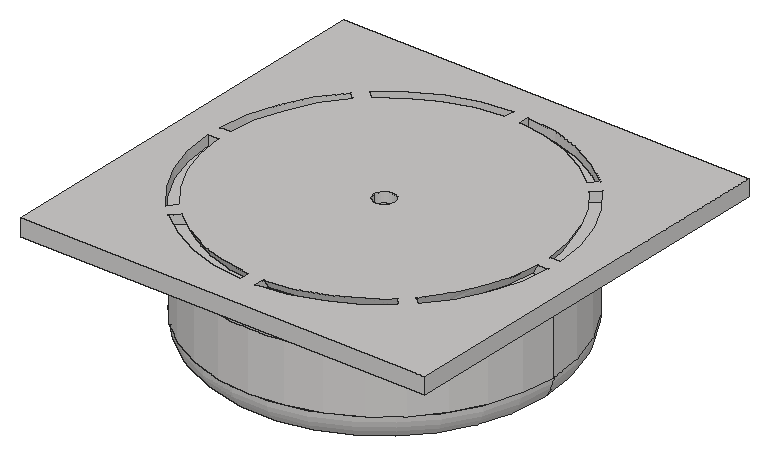
Revit family
Parameters (values of type "9635-SRF-2"")
  Width = 14"
  Waste Connection Radius = 1"
  Waste Connection Diameter = Waste Connection Radius * 2  # 2"
  Waste Connection = yes
  Vent Connection = no
  URL = "www.jrsmith.com"
  Price = "Prices may vary. Please consult Manufacturer Representative for most up-to-date price list."  # constant formula
  Phone Number = "416-250-5656"  # constant formula
  Omniclass Table 23 Title = "Waste Water Drains"  # constant formula
  Omniclass Table 23 Code = "23.70.50.21.24"  # constant formula
  Model = "9635-SRF-2\""
  Material = Metal-Jay R Smith-Stainless Steel
  Masterformat Title = "Sanitary Drains"  # constant formula
  Masterformat Number = "22 13 19.13"  # constant formula
  Manufacturer = "Jay R. Smith"
  Length = Width  # 14"
  Height = 6 1/2"
  HW Connection = no
  Description = "14\" Square top special purpose flor drain with heavy duty rim flow grate."
  Default Elevation = 0"
  Creation Date = "27/10/2014"  # constant formula
  Created By = "Allied Technical Services"  # constant formula
  CW Connection = no
  Assembly Code = "D2030300"
  ATS URL = "http://www.atsspec.net"
Types (13): name | Waste Connection Radius | Waste Connection Diameter | Model | Height
  (no name) | 1" | 2" | "9635-SRF-2\"" | 6 1/2"
  9635-SRF-2" | 1" | 2" | "9635-SRF-2\"" | 6 1/2"
  9635-SRF-3" | 1 1/2" | 3" | "9635-SRF-3\"" | 6 1/2"
  9635-SRF-4" | 2" | 4" | "9635-SRF-4\"" | 6 1/2"
  9636-SRF-2" | 1" | 2" | "9636-SRF-2\"" | 8 1/2"
  9636-SRF-3" | 1 1/2" | 3" | "9636-SRF-3\"" | 8 1/2"
  9636-SRF-4" | 2" | 4" | "9636-SRF-4\"" | 8 1/2"
  9637-SRF-2" | 1" | 2" | "9637-SRF-2\"" | 10 1/2"
  9637-SRF-3" | 1 1/2" | 3" | "9637-SRF-3\"" | 10 1/2"
  9637-SRF-4" | 2" | 4" | "9637-SRF-4\"" | 10 1/2"
  9638-SRF-2" | 1" | 2" | "9638-SRF-2\"" | 12 1/2"
  9638-SRF-3" | 1 1/2" | 3" | "9638-SRF-3\"" | 12 1/2"
  9638-SRF-4" | 2" | 4" | "9638-SRF-4\"" | 12 1/2"
Reference planes (in)
  plane 1 "Center (Front/Back)": y = 0
  plane 2: z = 0
  plane 3 "Center (Left/Right)": x = 0
  plane 4: x = -7
  plane 5: x = 7
  plane 6: z = 6.5
  plane 7: z = 2
  plane 8: x = -1
  plane 9: x = 1
  plane 10: z = 5.9312
  plane 11: y = 0
  plane 12: x = 0
Forms (in)
  Revolve 1, solid, material "Metal-Jay R Smith-Stainless Steel" <- "Material"
    sketch origin (0, 0, 0) x (1, 0, 0) y (0, 0, 1)
      loop
        line (-5.85146, 5.00929) -> (-5.85146, 3)
        arc (-5.85146, 3) -> (-5.55857, 2.29289) -> (-4.85146, 2) r 1
        line (-4.85146, 2) -> (-4.60146, 2) -> (-1.125, 1.63461) -> (-1.125, 0) -> (-1, 0) -> (-1, 6.16937) -> (-0.3652, 6.16937) -> (-0.3652, 6.5) -> (-5.5352, 6.5) -> (-5.34432, 6.16937) -> (-5.9102, 6.16937) -> (-5.9102, 6.5) -> (-6.26404, 6.5) -> (-6.26404, 5.57734)
        arc (-6.26404, 5.57734) -> (-6.22877, 5.46877) -> (-6.13643, 5.40164) r 0.18476
        arc (-6.13643, 5.40164) -> (-5.93022, 5.25175) -> (-5.85146, 5.00929) r 0.41258
      axis (0, 6.5) -> (0, 0)
    angle from 0 to 360
  Extrusion 2, solid, material "Metal-Jay R Smith-Stainless Steel" <- "Material"
    sketch origin (-70.89762, -84.06857, 0) x (1, 0, 0) y (0, 1, 0)
      loop
        line (63.89762, 91.06857) -> (63.89762, 77.06857) -> (77.89762, 77.06857) -> (77.89762, 91.06857) -> (63.89762, 91.06857)
      loop
        circle (70.89762, 84.06857) r 6.25
    from 5.9312 to 6.5
  Extrusion 3, solid, material "Metal-Jay R Smith-Stainless Steel" <- "Material"
    sketch origin (-49.08261, -52.07192, 0) x (1, 0, 0) y (0, 1, 0)
      loop
        arc (49.33261, 58.06671) -> (49.08261, 58.07192) -> (48.83261, 58.06671) r 6
        line (48.83261, 58.06671) -> (48.83261, 57.28411) -> (49.33261, 57.28411) -> (49.33261, 58.06671)
      loop
        line (49.33261, 46.07713) -> (49.33261, 46.85973) -> (48.83261, 46.85973) -> (48.83261, 46.07713)
        arc (48.83261, 46.07713) -> (49.08261, 46.07192) -> (49.33261, 46.07713) r 6
      loop
        arc (55.0774, 51.82192) -> (55.08261, 52.07192) -> (55.0774, 52.32192) r 6
        line (55.0774, 52.32192) -> (54.2948, 52.32192) -> (54.2948, 51.82192) -> (55.0774, 51.82192)
      loop
        line (43.08782, 51.82192) -> (43.87042, 51.82192) -> (43.87042, 52.32192) -> (43.08782, 52.32192)
        arc (43.08782, 52.32192) -> (43.08261, 52.07192) -> (43.08782, 51.82192) r 6
      loop
        arc (53.49834, 56.1341) -> (53.32525, 56.31456) -> (53.14479, 56.48765) r 6
        line (53.14479, 56.48765) -> (52.59141, 55.93427) -> (52.94496, 55.58071) -> (53.49834, 56.1341)
      loop
        line (45.02043, 47.65618) -> (45.57381, 48.20956) -> (45.22026, 48.56312) -> (44.66687, 48.00974)
        arc (44.66687, 48.00974) -> (44.83997, 47.82928) -> (45.02043, 47.65618) r 6
      loop
        arc (53.14479, 47.65618) -> (53.32525, 47.82928) -> (53.49834, 48.00974) r 6
        line (53.49834, 48.00974) -> (52.94496, 48.56312) -> (52.59141, 48.20956) -> (53.14479, 47.65618)
      loop
        line (44.66687, 56.1341) -> (45.22026, 55.58071) -> (45.57381, 55.93427) -> (45.02043, 56.48765)
        arc (45.02043, 56.48765) -> (44.83997, 56.31456) -> (44.66687, 56.1341) r 6
    from 5.9312 to 6.5
Cuts and joins
  joined: Revolve 1, Extrusion 2, Extrusion 3
Dimensions and locks (in)
  "Height": plane 6 to plane 2
  "Waste Connection Diameter": plane 9 to plane 8
  "Width": plane 5 to plane 4
  plane 7 to level = 2"
  equal spacing: plane 9, plane 3 "Center (Left/Right)", plane 8
  equal spacing: plane 5, plane 3 "Center (Left/Right)", plane 4
  locked: plane 8 to Revolve 1 sketch curve at 0.125
  locked: Revolve 1 sketch curve to plane 4 at 1.0898
  locked: Revolve 1 sketch curve to plane 4 at 1.65568
  plane 6 to plane 7 = 4 1/2"
  locked: plane 6 to plane 10 at 0.5688
  locked: Revolve 1 sketch curve to plane 6 (angle 60.00°)
  aligned and locked: plane 8 to Revolve 1 sketch curve
  aligned and locked: Revolve 1 sketch curve to plane 6  (x2)
  aligned and locked: Extrusion 2 to plane 10
  aligned and locked: Extrusion 2 to plane 6
  aligned and locked: plane 6 to Extrusion 3
  aligned and locked: Extrusion 3 to plane 10
Automatic sketch dimensions
  Extrusion 2 sketch curve to plane 4 = 0"
  plane 1 "Center (Front/Back)" to Extrusion 2 sketch curve = 0"
  Extrusion 2 sketch curve to plane 3 "Center (Left/Right)" = 0"
  Extrusion 2 sketch curve to plane 5 = 0"
  plane 1 "Center (Front/Back)" to Extrusion 2 sketch curve = 7"
  Extrusion 2 sketch curve to plane 1 "Center (Front/Back)" = 7"
  Revolve 1 sketch curve to plane 7 = 0"
  Revolve 1 sketch curve to plane 3 "Center (Left/Right)" = 0"
  Revolve 1 sketch curve to level = 0"
  Revolve 1 sketch curve to Revolve 1 sketch curve = 0.16908"
  Revolve 1 sketch curve to Revolve 1 sketch curve = 0.05715"
  Revolve 1 sketch curve to Revolve 1 sketch curve = 0"
  Revolve 1 sketch curve to Revolve 1 sketch curve = 0.35384"
  Revolve 1 sketch curve to Revolve 1 sketch curve = 0.12761"
  Revolve 1 sketch curve to Revolve 1 sketch curve = 3/8"
  Revolve 1 sketch curve to Revolve 1 sketch curve = 1"
  Revolve 1 sketch curve to Revolve 1 sketch curve = 1/4"
  Revolve 1 sketch curve to plane 3 "Center (Left/Right)" = 0.3652"
  Revolve 1 sketch curve to level = 2 1/2"
  Revolve 1 sketch curve to Revolve 1 sketch curve = 0.64812"
  Revolve 1 sketch curve to plane 7 = 0.36539"
  Revolve 1 sketch curve to plane 10 = 0.92191"
  plane 10 to Revolve 1 sketch curve = 0.23817"
  Extrusion 3 sketch curve to Extrusion 3 sketch curve = 0"  (x56)
  Extrusion 3 sketch curve to plane 11 = 0"
  Extrusion 3 sketch curve to plane 12 = 0"
  plane 12 to Extrusion 3 sketch curve = 1/4"  (x2)
  plane 12 to Extrusion 3 sketch curve = 3.5088"  (x2)
  Extrusion 3 sketch curve to Extrusion 3 sketch curve = 0.35355"  (x8)
  Extrusion 3 sketch curve to Extrusion 3 sketch curve = 0.55338"  (x4)
  Extrusion 3 sketch curve to plane 11 = 4.06218"
  plane 11 to Extrusion 3 sketch curve = 1/4"  (x2)
  Extrusion 3 sketch curve to Extrusion 3 sketch curve = 1.34984"  (x4)
  Extrusion 3 sketch curve to Extrusion 3 sketch curve = 0.7826"  (x4)
  Extrusion 3 sketch curve to plane 11 = 1/4"  (x2)
  Extrusion 3 sketch curve to plane 12 = 1/4"  (x2)
  Extrusion 3 sketch curve to plane 12 = 3.5088"  (x2)
  plane 11 to Extrusion 3 sketch curve = 4.06218"
  Extrusion 3 sketch curve to Extrusion 3 sketch curve = 4.16573"
  plane 11 to Extrusion 3 sketch curve = 3.5088"
  radius of Extrusion 2 sketch curve = 6 1/4"
Connectors (in)
  piping at (0, 0, 0), driven by "Waste Connection Radius"
    settings: on cut or joined group of Revolve 1, Extrusion 2, Extrusion 3, index 1
